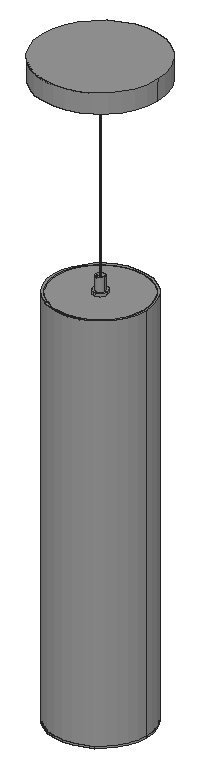
Revit family "Artemide_Tagora_Suspended_80", category Lighting Fixtures, Revit 2018
Family settings
  Round Connector Dimension = Use Diameter
  Part Type = Normal
  Work Plane-Based = Yes
  Always vertical = Yes
  Cut with Voids When Loaded = No
  Light Source = Yes
  Shared = No
  Room Calculation Point = No
Parameters (values of type "Tagora_Suspended_80_52°_4000K_Beige/White_DimmableDali_AB04652")
  Wattage = 14 W
  built-in parameter 1150110 = 1 (stored number, unit not read)
  Voltage = "-"
  built-in parameter 1114217 = 1 (stored number, unit not read)
  Tilt Angle = 90.00°
  built-in parameter 1150109 = 1 (stored number, unit not read)
  built-in parameter 1150134 = 12
  built-in parameter 1150113 = 1 (stored number, unit not read)
  Radius_InternalCylinder = Radius_ExternalCyilinder - 2 mm  # 38 mm
  Radius_ExternalCyilinder = 40 mm
  Product Range = "Tagora"
  Photometric Web File = "AB04652.IES"
  Max Height from ceiling = 2000 mm
  M_HousingCylinder = Artemide_Aluminum_Beige
  M_Housing = Artemide_Aluminum_White
  M_Fixings = Artemide_Aluminum_Anodized
  M_Diffuser = Artemide_Glass_LightBulb
  built-in parameter 1150105 = 83.311 (stored number, unit not read)
  Lumens = 1046.92 lm
  built-in parameter 1150115 = 1 (stored number, unit not read)
  built-in parameter 1150137 = (empty or 0)
  built-in parameter 1150139 = (empty or 0)
  built-in parameter 1150112 = 1 (stored number, unit not read)
  built-in parameter 1150114 = 1 (stored number, unit not read)
  built-in parameter 1150132 = (empty or 0)
  built-in parameter 1150102 = (empty or 0)
  built-in parameter 1150107 = 4000 (stored number, unit not read)
  built-in parameter 1150138 = (empty or 0)
  built-in parameter 1150106 = 0.83311 (stored number, unit not read)
  IfcExportType = "NOT DEFINED"  # constant formula
  IfcExportAs = "IfcLightFixtureType"  # constant formula
  Weekly = "-"
  Warranty ID = "https://cloud.artemide.com/5-years-warranty"
  Upward Component  = 0
  Unified Glare Rating  = "-"
  Uniclass 2015 = "Pr_70_70_48"  # constant formula
  URL to O&M Manual = "https://www.artemide.com/contents/documenti/prodotto/tagora_sospensione_80_instructions2194181.pdf"
  URL to Energy Technology List = "-"
  Trim Material = "-"
  Trim Finish = "-"
  Trim Colour  = "-"
  Total Power = 0
  Total Light Output  = 0
  Testing method = "-"
  Supply Phase = 0
  Suitable for Photocell Control = "-"
  Suitable for Motion Detector Control = "N"
  Suitable for Dimming  = "Y"
  Suitable Dimmer Type = "DALI"
  Standards = "-"
  Shipping Weight = 0
  Service life  = "-"
  Secondary Rated Lamp Life = 0
  Secondary Lamp Voltage = 0
  Secondary Lamp International Type Code = "-"
  Secondary Lamp Initial Lumens  = 0
  Secondary Lamp Included = "-"
  Secondary Lamp Efficacy = 0
  Secondary Lamp Colour Temperature = 0
  Secondary Lamp Colour Rendering Index = 0
  Secondary Lamp Cap = "-"
  Secondary Lamp = "-"
  Responsible Sourcing of Materials = "-"
  Responsible Extraction of Materials = "-"
  Reflector Material = "-"
  Reflector Finish = "-"
  Rated Lamp Life = 50000
  Quarterly = "-"
  Product Model Number = "AB04652"
  Product Literature = "https://www.artemide.com/en/subfamily/1688074/tagora-suspension-80"
  Primary Lamp Type = "LED"
  Power Supply Kit = "-"
  Power Factor = 0
  Photocell = "-"
  Overall Width = 0
  Overall Light Output Ratio = 0
  Overall Length = 80
  Overall Height = 330
  Output Lumens Indirect light = 0
  Output Lumens Direct light = 1047
  Number of Secondary Lamps = 0
  Number of Primary Lamps = 1
  Number of Poles = 0
  Motion Sensor = "-"
  Motion Detector = "-"
  Monthly = "-"
  Minimum Operating Temperature = 0
  Maximum Operating Temperature = 0
  Material Ingredient Reporting = "-"
  Manufacturer Website = "https://www.artemide.com"
  Manufacturer = "Artemide"
  Maintenance Required: 8001-12000hrs  = "-"
  Maintenance Required: 601-1000hrs = "-"
  Maintenance Required: 4001-8000hrs  = "-"
  Maintenance Required: 301-600hrs  = "-"
  Maintenance Required: 2001-4000hrs  = "-"
  Maintenance Required: 1001-2000hrs  = "-"
  Maintenance Required: 0-300hrs  = "-"
  Luminance at 65deg Angle = 0
  Luminaire Type = "Pendant"
  Luminaire Maintenance Factor = 0
  Luminaire Cleaning Interval  = "-"
  Louvre/Lens = "-"
  Location of Manufacturer = "-"
  Light Output Pattern = "-"
  Light Fixture Mounting Type = "Suspended"
  Life Cycle Analysis = "-"
  Lamp Survival Factor = "-"
  Lamp Replacement Interval = "-"
  Lamp Included = "Y"
  Lamp Holder Material = "-"
  Lamp Cap = "LED Integrated"
  LED lifetime = 60000
  LED Maintained Colour Variation         = 0
  LED Initial Colour Variation                      = 0
  International Type Code = "-"
  Intended Market = "Unset"
  Integral Fuse or Circuit Protection  = "-"
  Integral Emergency Lighting Battery Type = "-"
  Input Lumens Indirect light = 0
  Input Lumens Direct light = 1535
  Initial Lumens = 1047
  Infills = "-"
  IP Rating = "IP20"
  IK Rating = "-"
  IES Files  = "https://www.artemide.com/product/downloadFile/4126786/ieseu/4887958"
  Housing Material = "Aluminium"
  Housing Finish  = "Painted"
  Housing Colour  = "Beige/White"
  Hazardous Area Protection Type = "-"
  Hazardous Area Category = "-"
  Gross Weight = 1.51
  Green Guide for Specification = "-"
  Gasket Material = "-"
  Frequency  = 0
  Fixings = "-"
  Fixing Material = "-"
  Fire Shroud = "-"
  Fire Rating Duration = 0
  Fire Rated Temperature = 0
  Fire Rated = "-"
  Features = "Any additional components/accessories included in this file are required to complete the product/configuration and must be ordered separately.Please check the catalogue/dedicated brochure for more information"
  Face Width = 0
  Face Shape = "Cylindrical"
  Face Length = 0
  External Control Line Voltage = 0
  Expected Life = "-"
  Environmental Product Declaration = "-"
  End Caps/Transition Caps/Joints = "-"
  Emit from Circle Diameter = 38.3 mm
  Emit Shape Visible in Rendering = no
  Emergency light output percentage = 0
  Emergency Lighting Battery = "-"
  Emergency Charging Power       = 0
  Emergency = "N"
  Embodied Carbon  = 0
  Efficiency = 68
  built-in parameter 1150104 = 6.9473 (stored number, unit not read)
  Earth Point  = "-"
  ENEC Certification of European conformity = "N"
  Duration of Integral Emergency Lighting  = 0
  Drive Current                                          = 0
  Downward Component = 0
  Distance_LampFromCeilingMax [instance] = if(Distance_LampFromCeiling < Max Height from ceiling, Distance_LampFromCeiling, Max Height from ceiling)  # 182 mm
  Distance_LampFromCeiling [instance] = 182 mm
  Distance_HeightLamp = 330.018 mm
  Dimming Lamp Color Temperature Shift = <None>
  Diffusing screen = "-"
  Diffuser Material  = "-"
  Diffuser Finish = "-"
  Designed by = "S./R. Cornelissen"
  Default Elevation = 1219.2 mm
  Daylight Sensor = "-"
  Daily = "-"
  Cut Out Width = 0
  Cut Out Length = 0
  Current  = 0
  Control Gear Type = "-"
  Control Gear Standby Power  = 0
  Control Gear Required = "-"
  Control Gear Location = "-"
  Column = "-"
  Colour Temperature = 4000
  Colour Rendering Index = 90
  Color Filter = 16777215
  Cable Material = "-"
  CE Approval = "Y"
  Bespoke Timeframe = "-"
  Beam Angle Transverse Axis  = 0.00°
  Beam Angle Longditudinal Axis  = 0.00°
  Basis of lifetime luminaire failures        = 0
  Basis of lifetime lumen depreciation   = 0
  built-in parameter 1114218 = 1 (stored number, unit not read)
  built-in parameter 1150133 = 10 (stored number, unit not read)
  Application Environment = "Internal"
  Annually = "-"
  Ambient Temperature                             = 0
  Air Handling = "-"
  Access Clearance Top = 0
  Access Clearance Right = 0
  Access Clearance Rear = 0
  Access Clearance Left = 0
  Access Clearance Front = 0
  Access Clearance Bottom = 0
  6 Monthly = "-"
Types (65, lengths in mm): name | Wattage | built-in parameter 1150134 | Photometric Web File | M_HousingCylinder | M_Housing | built-in parameter 1150105 | Lumens | built-in parameter 1150132 | built-in parameter 1150107 | built-in parameter 1150106 | URL to O&M Manual | Suitable for Dimming  | Suitable Dimmer Type | Rated Lamp Life | Product Model Number | Primary Lamp Type | Output Lumens Direct light | Lamp Included | Input Lumens Direct light | Initial Lumens | IES Files  | Housing Colour  | Gross Weight | Emit from Circle Diameter | Efficiency | built-in parameter 1150104 | Colour Temperature | Colour Rendering Index
  Tagora_Suspended_80_36°_3000K_Beige/White_DimmableDali_AB04152 | 14 W | (empty or 0) | "AB04152.IES" | Artemide_Aluminum_Beige | Artemide_Aluminum_White | 81.763 (stored number, unit not read) | 1027.46 lm | (empty or 0) | 3000 (stored number, unit not read) | 0.81763 (stored number, unit not read) | "https://www.artemide.com/contents/documenti/prodotto/tagora_sospensione_80_instructions2194181.pdf" | "Y" | "DALI" | 50000 | "AB04152" | "LED" | 1027 | "Y" | 1489 | 1027 | "https://www.artemide.com/product/downloadFile/4125566/ieseu/4887668" | "Beige/White" | 1.51 | 38.3 | 69 | 6.8182 (stored number, unit not read) | 3000 | 90
  Tagora_Suspended_80_36°_3000K_Beige/White_Undimmable_AB02152 | 14 W | (empty or 0) | "AB02152.IES" | Artemide_Aluminum_Beige | Artemide_Aluminum_White | 81.763 (stored number, unit not read) | 1027.46 lm | (empty or 0) | 3000 (stored number, unit not read) | 0.81763 (stored number, unit not read) | "https://www.artemide.com/contents/documenti/prodotto/tagora_sospensione_80_instructions2194181.pdf" | "N" | "-" | 50000 | "AB02152" | "LED" | 1027 | "Y" | 1489 | 1027 | "https://www.artemide.com/product/downloadFile/1693821/ieseu/4887694" | "Beige/White" | 1.51 | 38.3 | 69 | 6.8182 (stored number, unit not read) | 3000 | 90
  Tagora_Suspended_80_36°_4000K_Beige/White_DimmableDali_AB04452 | 14 W | 12 | "AB04452.IES" | Artemide_Aluminum_Beige | Artemide_Aluminum_White | 84.292 (stored number, unit not read) | 1059.24 lm | (empty or 0) | 4000 (stored number, unit not read) | 0.84292 (stored number, unit not read) | "https://www.artemide.com/contents/documenti/prodotto/tagora_sospensione_80_instructions2194181.pdf" | "Y" | "DALI" | 50000 | "AB04452" | "LED" | 1059 | "Y" | 1535 | 1059 | "https://www.artemide.com/product/downloadFile/4126298/ieseu/4887928" | "Beige/White" | 1.51 | 38.3 | 69 | 7.029 (stored number, unit not read) | 4000 | 90
  Tagora_Suspended_80_36°_4000K_Beige/White_Undimmable_AB02452 | 14 W | 12 | "AB02452.IES" | Artemide_Aluminum_Beige | Artemide_Aluminum_White | 84.292 (stored number, unit not read) | 1059.24 lm | (empty or 0) | 4000 (stored number, unit not read) | 0.84292 (stored number, unit not read) | "https://www.artemide.com/contents/documenti/prodotto/tagora_sospensione_80_instructions2194181.pdf" | "N" | "-" | 50000 | "AB02452" | "LED" | 1059 | "Y" | 1535 | 1059 | "https://www.artemide.com/product/downloadFile/1696596/ieseu/4887962" | "Beige/White" | 1.51 | 38.3 | 69 | 7.029 (stored number, unit not read) | 4000 | 90
  Tagora_Suspended_80_44°_3000K_Beige/White_DimmableDali_AB04252 | 14 W | (empty or 0) | "AB04252.IES" | Artemide_Aluminum_Beige | Artemide_Aluminum_White | 88.391 (stored number, unit not read) | 1110.76 lm | (empty or 0) | 3000 (stored number, unit not read) | 0.88391 (stored number, unit not read) | "https://www.artemide.com/contents/documenti/prodotto/tagora_sospensione_80_instructions2194181.pdf" | "Y" | "DALI" | 50000 | "AB04252" | "LED" | 1111 | "Y" | 1489 | 1111 | "https://www.artemide.com/product/downloadFile/4125810/ieseu/4887674" | "Beige/White" | 1.51 | 38.3 | 75 | 7.3709 (stored number, unit not read) | 3000 | 90
  Tagora_Suspended_80_44°_3000K_Beige/White_Undimmable_AB02252 | 14 W | (empty or 0) | "AB02252.IES" | Artemide_Aluminum_Beige | Artemide_Aluminum_White | 88.391 (stored number, unit not read) | 1110.76 lm | (empty or 0) | 3000 (stored number, unit not read) | 0.88391 (stored number, unit not read) | "https://www.artemide.com/contents/documenti/prodotto/tagora_sospensione_80_instructions2194181.pdf" | "N" | "-" | 50000 | "AB02252" | "LED" | 1111 | "Y" | 1489 | 1111 | "https://www.artemide.com/product/downloadFile/4121322/ieseu/4887746" | "Beige/White" | 1.51 | 38.3 | 75 | 7.3709 (stored number, unit not read) | 3000 | 90
  Tagora_Suspended_80_44°_4000K_Beige/White_DimmableDali_AB04552 | 14 W | 12 | "AB04552.IES" | Artemide_Aluminum_Beige | Artemide_Aluminum_White | 91.132 (stored number, unit not read) | 1145.2 lm | (empty or 0) | 4000 (stored number, unit not read) | 0.91132 (stored number, unit not read) | "https://www.artemide.com/contents/documenti/prodotto/tagora_sospensione_80_instructions2194181.pdf" | "Y" | "DALI" | 50000 | "AB04552" | "LED" | 1145 | "Y" | 1535 | 1145 | "https://www.artemide.com/product/downloadFile/4126542/ieseu/4887787" | "Beige/White" | 1.51 | 38.3 | 75 | 7.5995 (stored number, unit not read) | 4000 | 90
  Tagora_Suspended_80_44°_4000K_Beige/White_Undimmable_AB02552 | 14 W | 12 | "AB02552.IES" | Artemide_Aluminum_Beige | Artemide_Aluminum_White | 91.132 (stored number, unit not read) | 1145.2 lm | (empty or 0) | 4000 (stored number, unit not read) | 0.91132 (stored number, unit not read) | "https://www.artemide.com/contents/documenti/prodotto/tagora_sospensione_80_instructions2194181.pdf" | "N" | "-" | 50000 | "AB02552" | "LED" | 1145 | "Y" | 1535 | 1145 | "https://www.artemide.com/product/downloadFile/4121566/ieseu/4887619" | "Beige/White" | 1.51 | 38.3 | 75 | 7.5995 (stored number, unit not read) | 4000 | 90
  Tagora_Suspended_80_52°_3000K_Beige/White_DimmableDali_AB04352 | 14 W | (empty or 0) | "AB04352.IES" | Artemide_Aluminum_Beige | Artemide_Aluminum_White | 80.816 (stored number, unit not read) | 1015.56 lm | (empty or 0) | 3000 (stored number, unit not read) | 0.80816 (stored number, unit not read) | "https://www.artemide.com/contents/documenti/prodotto/tagora_sospensione_80_instructions2194181.pdf" | "Y" | "DALI" | 50000 | "AB04352" | "LED" | 1016 | "Y" | 1489 | 1016 | "https://www.artemide.com/product/downloadFile/4126054/ieseu/4887874" | "Beige/White" | 1.51 | 38.3 | 68 | 6.7392 (stored number, unit not read) | 3000 | 90
  Tagora_Suspended_80_52°_3000K_Beige/White_Undimmable_AB02352 | 14 W | (empty or 0) | "AB02352.IES" | Artemide_Aluminum_Beige | Artemide_Aluminum_White | 80.816 (stored number, unit not read) | 1015.56 lm | (empty or 0) | 3000 (stored number, unit not read) | 0.80816 (stored number, unit not read) | "https://www.artemide.com/contents/documenti/prodotto/tagora_sospensione_80_instructions2194181.pdf" | "N" | "-" | 50000 | "AB02352" | "LED" | 1016 | "Y" | 1489 | 1016 | "https://www.artemide.com/product/downloadFile/1694355/ieseu/4887873" | "Beige/White" | 1.51 | 38.3 | 68 | 6.7392 (stored number, unit not read) | 3000 | 90
  Tagora_Suspended_80_52°_4000K_Beige/White_DimmableDali_AB04652 | 14 W | 12 | "AB04652.IES" | Artemide_Aluminum_Beige | Artemide_Aluminum_White | 83.311 (stored number, unit not read) | 1046.92 lm | (empty or 0) | 4000 (stored number, unit not read) | 0.83311 (stored number, unit not read) | "https://www.artemide.com/contents/documenti/prodotto/tagora_sospensione_80_instructions2194181.pdf" | "Y" | "DALI" | 50000 | "AB04652" | "LED" | 1047 | "Y" | 1535 | 1047 | "https://www.artemide.com/product/downloadFile/4126786/ieseu/4887958" | "Beige/White" | 1.51 | 38.3 | 68 | 6.9473 (stored number, unit not read) | 4000 | 90
  Tagora_Suspended_80_52°_4000K_Beige/White_Undimmable_AB02652 | 14 W | 12 | "AB02652.IES" | Artemide_Aluminum_Beige | Artemide_Aluminum_White | 83.311 (stored number, unit not read) | 1046.92 lm | (empty or 0) | 4000 (stored number, unit not read) | 0.83311 (stored number, unit not read) | "https://www.artemide.com/contents/documenti/prodotto/tagora_sospensione_80_instructions2194181.pdf" | "N" | "-" | 50000 | "AB02652" | "LED" | 1047 | "Y" | 1535 | 1047 | "https://www.artemide.com/product/downloadFile/1696800/ieseu/4887860" | "Beige/White" | 1.51 | 38.3 | 68 | 6.9473 (stored number, unit not read) | 4000 | 90
  Tagora_Suspended_80_GU10_Beige/White_M019120 | 0 W | 12 | 0 | Artemide_Aluminum_Beige | Artemide_Aluminum_White | (empty or 0) | 0 lm | 2 | 4000 (stored number, unit not read) | (empty or 0) | "-" | "-" | "-" | 0 | "M019120" | "LED RETROFIT" | 0 | "N" | 0 | 0 | "-" | "Beige/White" | 0 | 1 | 0 | 0.092903 (stored number, unit not read) | 0 | 0
  Tagora_Suspended_80_36°_3000K_Grey/White_DimmableDali_AB04156 | 14 W | (empty or 0) | "AB04156.IES" | Artemide_Aluminum_Grey | Artemide_Aluminum_White | 81.763 (stored number, unit not read) | 1027.46 lm | (empty or 0) | 3000 (stored number, unit not read) | 0.81763 (stored number, unit not read) | "https://www.artemide.com/contents/documenti/prodotto/tagora_sospensione_80_instructions2194181.pdf" | "Y" | "DALI" | 50000 | "AB04156" | "LED" | 1027 | "Y" | 1489 | 1027 | "https://www.artemide.com/product/downloadFile/4124102/ieseu/4887675" | "Grey/White" | 1.51 | 38.3 | 69 | 6.8182 (stored number, unit not read) | 3000 | 90
  Tagora_Suspended_80_36°_3000K_Grey/White_Undimmable_AB02156 | 14 W | (empty or 0) | "AB02156.IES" | Artemide_Aluminum_Grey | Artemide_Aluminum_White | 81.763 (stored number, unit not read) | 1027.46 lm | (empty or 0) | 3000 (stored number, unit not read) | 0.81763 (stored number, unit not read) | "https://www.artemide.com/contents/documenti/prodotto/tagora_sospensione_80_instructions2194181.pdf" | "N" | "-" | 50000 | "AB02156" | "LED" | 1027 | "Y" | 1489 | 1027 | "https://www.artemide.com/product/downloadFile/1693588/ieseu/4887616" | "Grey/White" | 1.51 | 38.3 | 69 | 6.8182 (stored number, unit not read) | 3000 | 90
  Tagora_Suspended_80_36°_4000K_Grey/White_DimmableDali_AB04456 | 14 W | 12 | "AB04456.IES" | Artemide_Aluminum_Grey | Artemide_Aluminum_White | 84.292 (stored number, unit not read) | 1059.24 lm | (empty or 0) | 4000 (stored number, unit not read) | 0.84292 (stored number, unit not read) | "https://www.artemide.com/contents/documenti/prodotto/tagora_sospensione_80_instructions2194181.pdf" | "Y" | "DALI" | 50000 | "AB04456" | "LED" | 1059 | "Y" | 1535 | 1059 | "https://www.artemide.com/product/downloadFile/4124834/ieseu/4887868" | "Grey/White" | 1.51 | 38.3 | 69 | 7.029 (stored number, unit not read) | 4000 | 90
  Tagora_Suspended_80_36°_4000K_Grey/White_Undimmable_AB02456 | 14 W | 12 | "AB02456.IES" | Artemide_Aluminum_Grey | Artemide_Aluminum_White | 84.292 (stored number, unit not read) | 1059.24 lm | (empty or 0) | 4000 (stored number, unit not read) | 0.84292 (stored number, unit not read) | "https://www.artemide.com/contents/documenti/prodotto/tagora_sospensione_80_instructions2194181.pdf" | "N" | "-" | 50000 | "AB02456" | "LED" | 1059 | "Y" | 1535 | 1059 | "https://www.artemide.com/product/downloadFile/1695348/ieseu/4887626" | "Grey/White" | 1.51 | 38.3 | 69 | 7.029 (stored number, unit not read) | 4000 | 90
  Tagora_Suspended_80_44°_3000K_Grey/White_DimmableDali_AB04256 | 14 W | (empty or 0) | "AB04256.IES" | Artemide_Aluminum_Grey | Artemide_Aluminum_White | 88.391 (stored number, unit not read) | 1110.76 lm | (empty or 0) | 3000 (stored number, unit not read) | 0.88391 (stored number, unit not read) | "https://www.artemide.com/contents/documenti/prodotto/tagora_sospensione_80_instructions2194181.pdf" | "Y" | "DALI" | 50000 | "AB04256" | "LED" | 1111 | "Y" | 1489 | 1111 | "https://www.artemide.com/product/downloadFile/4124346/ieseu/4887661" | "Grey/White" | 1.51 | 38.3 | 75 | 7.3709 (stored number, unit not read) | 3000 | 90
  Tagora_Suspended_80_44°_3000K_Grey/White_Undimmable_AB02256 | 14 W | (empty or 0) | "AB02256.IES" | Artemide_Aluminum_Grey | Artemide_Aluminum_White | 88.391 (stored number, unit not read) | 1110.76 lm | (empty or 0) | 3000 (stored number, unit not read) | 0.88391 (stored number, unit not read) | "https://www.artemide.com/contents/documenti/prodotto/tagora_sospensione_80_instructions2194181.pdf" | "N" | "-" | 50000 | "AB02256" | "LED" | 1111 | "Y" | 1489 | 1111 | "https://www.artemide.com/product/downloadFile/4120834/ieseu/4887825" | "Grey/White" | 1.51 | 38.3 | 75 | 7.3709 (stored number, unit not read) | 3000 | 90
  Tagora_Suspended_80_44°_4000K_Grey/White_DimmableDali_AB04556 | 14 W | 12 | "AB04556.IES" | Artemide_Aluminum_Grey | Artemide_Aluminum_White | 91.132 (stored number, unit not read) | 1145.2 lm | (empty or 0) | 4000 (stored number, unit not read) | 0.91132 (stored number, unit not read) | "https://www.artemide.com/contents/documenti/prodotto/tagora_sospensione_80_instructions2194181.pdf" | "Y" | "DALI" | 50000 | "AB04556" | "LED" | 1145 | "Y" | 1535 | 1145 | "https://www.artemide.com/product/downloadFile/4125078/ieseu/4887724" | "Grey/White" | 1.51 | 38.3 | 75 | 7.5995 (stored number, unit not read) | 4000 | 90
  Tagora_Suspended_80_44°_4000K_Grey/White_Undimmable_AB02556 | 14 W | 12 | "AB02556.IES" | Artemide_Aluminum_Grey | Artemide_Aluminum_White | 91.132 (stored number, unit not read) | 1145.2 lm | (empty or 0) | 4000 (stored number, unit not read) | 0.91132 (stored number, unit not read) | "https://www.artemide.com/contents/documenti/prodotto/tagora_sospensione_80_instructions2194181.pdf" | "N" | "-" | 50000 | "AB02556" | "LED" | 1145 | "Y" | 1535 | 1145 | "https://www.artemide.com/product/downloadFile/4121078/ieseu/4887870" | "Grey/White" | 1.51 | 38.3 | 75 | 7.5995 (stored number, unit not read) | 4000 | 90
  Tagora_Suspended_80_52°_3000K_Grey/White_DimmableDali_AB04356 | 14 W | (empty or 0) | "AB04356.IES" | Artemide_Aluminum_Grey | Artemide_Aluminum_White | 80.816 (stored number, unit not read) | 1015.56 lm | (empty or 0) | 3000 (stored number, unit not read) | 0.80816 (stored number, unit not read) | "https://www.artemide.com/contents/documenti/prodotto/tagora_sospensione_80_instructions2194181.pdf" | "Y" | "DALI" | 50000 | "AB04356" | "LED" | 1016 | "Y" | 1489 | 1016 | "https://www.artemide.com/product/downloadFile/4124590/ieseu/4887838" | "Grey/White" | 1.51 | 38.3 | 68 | 6.7392 (stored number, unit not read) | 3000 | 90
  Tagora_Suspended_80_52°_3000K_Grey/White_Undimmable_AB02356 | 14 W | (empty or 0) | "AB02356.IES" | Artemide_Aluminum_Grey | Artemide_Aluminum_White | 80.816 (stored number, unit not read) | 1015.56 lm | (empty or 0) | 3000 (stored number, unit not read) | 0.80816 (stored number, unit not read) | "https://www.artemide.com/contents/documenti/prodotto/tagora_sospensione_80_instructions2194181.pdf" | "N" | "-" | 50000 | "AB02356" | "LED" | 1016 | "Y" | 1489 | 1016 | "https://www.artemide.com/product/downloadFile/1694569/ieseu/4887766" | "Grey/White" | 1.51 | 38.3 | 68 | 6.7392 (stored number, unit not read) | 3000 | 90
  Tagora_Suspended_80_52°_4000K_Grey/White_DimmableDali_AB04656 | 14 W | 12 | "AB04656.IES" | Artemide_Aluminum_Grey | Artemide_Aluminum_White | 83.311 (stored number, unit not read) | 1046.92 lm | (empty or 0) | 4000 (stored number, unit not read) | 0.83311 (stored number, unit not read) | "https://www.artemide.com/contents/documenti/prodotto/tagora_sospensione_80_instructions2194181.pdf" | "Y" | "DALI" | 50000 | "AB04656" | "LED" | 1047 | "Y" | 1535 | 1047 | "https://www.artemide.com/product/downloadFile/4125322/ieseu/4887917" | "Grey/White" | 1.51 | 38.3 | 68 | 6.9473 (stored number, unit not read) | 4000 | 90
  Tagora_Suspended_80_52°_4000K_Grey/White_Undimmable_AB02656 | 14 W | 12 | "AB02656.IES" | Artemide_Aluminum_Grey | Artemide_Aluminum_White | 83.311 (stored number, unit not read) | 1046.92 lm | (empty or 0) | 4000 (stored number, unit not read) | 0.83311 (stored number, unit not read) | "https://www.artemide.com/contents/documenti/prodotto/tagora_sospensione_80_instructions2194181.pdf" | "N" | "-" | 50000 | "AB02656" | "LED" | 1047 | "Y" | 1535 | 1047 | "https://www.artemide.com/product/downloadFile/1696386/ieseu/4887887" | "Grey/White" | 1.51 | 38.3 | 68 | 6.9473 (stored number, unit not read) | 4000 | 90
  Tagora_Suspended_80_GU10_Grey/White_M019160 | 0 W | 12 | 0 | Artemide_Aluminum_Grey | Artemide_Aluminum_White | (empty or 0) | 0 lm | 2 | 4000 (stored number, unit not read) | (empty or 0) | "-" | "-" | "-" | 0 | "M019160" | "LED RETROFIT" | 0 | "N" | 0 | 0 | "-" | "Grey/White" | 0 | 1 | 0 | 0.092903 (stored number, unit not read) | 0 | 0
  Tagora_Suspended_80_36°_3000K_Black/Orange_DimmableDali_AB04157 | 14 W | (empty or 0) | "AB04157.IES" | Artemide_Aluminum_Black | Artemide_Aluminum_Orange | 81.763 (stored number, unit not read) | 1027.46 lm | (empty or 0) | 3000 (stored number, unit not read) | 0.81763 (stored number, unit not read) | "https://www.artemide.com/contents/documenti/prodotto/tagora_sospensione_80_instructions2194181.pdf" | "Y" | "DALI" | 50000 | "AB04157" | "LED" | 1027 | "Y" | 1489 | 1027 | "https://www.artemide.com/product/downloadFile/4122882/ieseu/4887690" | "Black/Orange" | 1.51 | 38.3 | 69 | 6.8182 (stored number, unit not read) | 3000 | 90
  Tagora_Suspended_80_36°_3000K_Black/Orange_Undimmable_AB02157 | 14 W | (empty or 0) | "AB02157.IES" | Artemide_Aluminum_Black | Artemide_Aluminum_Orange | 81.763 (stored number, unit not read) | 1027.46 lm | (empty or 0) | 3000 (stored number, unit not read) | 0.81763 (stored number, unit not read) | "https://www.artemide.com/contents/documenti/prodotto/tagora_sospensione_80_instructions2194181.pdf" | "N" | "-" | 50000 | "AB02157" | "LED" | 1027 | "Y" | 1489 | 1027 | "https://www.artemide.com/product/downloadFile/1692479/ieseu/4887745" | "Black/Orange" | 1.51 | 38.3 | 69 | 6.8182 (stored number, unit not read) | 3000 | 90
  Tagora_Suspended_80_36°_4000K_Black/Orange_DimmableDali_AB04457 | 14 W | 12 | "AB04457.IES" | Artemide_Aluminum_Black | Artemide_Aluminum_Orange | 84.292 (stored number, unit not read) | 1059.24 lm | (empty or 0) | 4000 (stored number, unit not read) | 0.84292 (stored number, unit not read) | "https://www.artemide.com/contents/documenti/prodotto/tagora_sospensione_80_instructions2194181.pdf" | "Y" | "DALI" | 50000 | "AB04457" | "LED" | 1059 | "Y" | 1535 | 1059 | "https://www.artemide.com/product/downloadFile/4123614/ieseu/4887685" | "Black/Orange" | 1.51 | 38.3 | 69 | 7.029 (stored number, unit not read) | 4000 | 90
  Tagora_Suspended_80_36°_4000K_Black/Orange_Undimmable_AB02457 | 14 W | 12 | "AB02457.IES" | Artemide_Aluminum_Black | Artemide_Aluminum_Orange | 84.292 (stored number, unit not read) | 1059.24 lm | (empty or 0) | 4000 (stored number, unit not read) | 0.84292 (stored number, unit not read) | "https://www.artemide.com/contents/documenti/prodotto/tagora_sospensione_80_instructions2194181.pdf" | "N" | "-" | 50000 | "AB02457" | "LED" | 1059 | "Y" | 1535 | 1059 | "https://www.artemide.com/product/downloadFile/1695074/ieseu/4887922" | "Black/Orange" | 1.51 | 38.3 | 69 | 7.029 (stored number, unit not read) | 4000 | 90
  Tagora_Suspended_80_44°_3000K_Black/Orange_DimmableDali_AB04257 | 14 W | (empty or 0) | "AB04257.IES" | Artemide_Aluminum_Black | Artemide_Aluminum_Orange | 88.391 (stored number, unit not read) | 1110.76 lm | (empty or 0) | 3000 (stored number, unit not read) | 0.88391 (stored number, unit not read) | "https://www.artemide.com/contents/documenti/prodotto/tagora_sospensione_80_instructions2194181.pdf" | "Y" | "DALI" | 50000 | "AB04257" | "LED" | 1111 | "Y" | 1489 | 1111 | "https://www.artemide.com/product/downloadFile/4123126/ieseu/4887866" | "Black/Orange" | 1.51 | 38.3 | 75 | 7.3709 (stored number, unit not read) | 3000 | 90
  Tagora_Suspended_80_44°_3000K_Black/Orange_Undimmable_AB02257 | 14 W | (empty or 0) | "AB02257.IES" | Artemide_Aluminum_Black | Artemide_Aluminum_Orange | 88.391 (stored number, unit not read) | 1110.76 lm | (empty or 0) | 3000 (stored number, unit not read) | 0.88391 (stored number, unit not read) | "https://www.artemide.com/contents/documenti/prodotto/tagora_sospensione_80_instructions2194181.pdf" | "N" | "-" | 50000 | "AB02257" | "LED" | 1111 | "Y" | 1489 | 1111 | "https://www.artemide.com/product/downloadFile/4120346/ieseu/4887855" | "Black/Orange" | 1.51 | 38.3 | 75 | 7.3709 (stored number, unit not read) | 3000 | 90
  Tagora_Suspended_80_44°_4000K_Black/Orange_DimmableDali_AB04557 | 14 W | 12 | "AB04557.IES" | Artemide_Aluminum_Black | Artemide_Aluminum_Orange | 91.132 (stored number, unit not read) | 1145.2 lm | (empty or 0) | 4000 (stored number, unit not read) | 0.91132 (stored number, unit not read) | "https://www.artemide.com/contents/documenti/prodotto/tagora_sospensione_80_instructions2194181.pdf" | "Y" | "DALI" | 50000 | "AB04557" | "LED" | 1145 | "Y" | 1535 | 1145 | "https://www.artemide.com/product/downloadFile/4120590/ieseu/4887782" | "Black/Orange" | 1.51 | 38.3 | 75 | 7.5995 (stored number, unit not read) | 4000 | 90
  Tagora_Suspended_80_44°_4000K_Black/Orange_Undimmable_AB02557 | 14 W | 12 | "AB02557.IES" | Artemide_Aluminum_Black | Artemide_Aluminum_Orange | 91.132 (stored number, unit not read) | 1145.2 lm | (empty or 0) | 4000 (stored number, unit not read) | 0.91132 (stored number, unit not read) | "https://www.artemide.com/contents/documenti/prodotto/tagora_sospensione_80_instructions2194181.pdf" | "N" | "-" | 50000 | "AB02557" | "LED" | 1145 | "Y" | 1535 | 1145 | "https://www.artemide.com/product/downloadFile/4130246/ieseu/4887890" | "Black/Orange" | 1.51 | 38.3 | 75 | 7.5995 (stored number, unit not read) | 4000 | 90
  Tagora_Suspended_80_52°_3000K_Black/Orange_DimmableDali_AB04357 | 14 W | (empty or 0) | "AB04357.IES" | Artemide_Aluminum_Black | Artemide_Aluminum_Orange | 80.816 (stored number, unit not read) | 1015.56 lm | (empty or 0) | 3000 (stored number, unit not read) | 0.80816 (stored number, unit not read) | "https://www.artemide.com/contents/documenti/prodotto/tagora_sospensione_80_instructions2194181.pdf" | "Y" | "DALI" | 50000 | "AB04357" | "LED" | 1016 | "Y" | 1489 | 1016 | "https://www.artemide.com/product/downloadFile/4123370/ieseu/4887753" | "Black/Orange" | 1.51 | 38.3 | 68 | 6.7392 (stored number, unit not read) | 3000 | 90
  Tagora_Suspended_80_52°_3000K_Black/Orange_Undimmable_AB02357 | 14 W | (empty or 0) | "AB02357.IES" | Artemide_Aluminum_Black | Artemide_Aluminum_Orange | 80.816 (stored number, unit not read) | 1015.56 lm | (empty or 0) | 3000 (stored number, unit not read) | 0.80816 (stored number, unit not read) | "https://www.artemide.com/contents/documenti/prodotto/tagora_sospensione_80_instructions2194181.pdf" | "N" | "-" | 50000 | "AB02357" | "LED" | 1016 | "Y" | 1489 | 1016 | "https://www.artemide.com/product/downloadFile/1694785/ieseu/4887795" | "Black/Orange" | 1.51 | 38.3 | 68 | 6.7392 (stored number, unit not read) | 3000 | 90
  Tagora_Suspended_80_52°_4000K_Black/Orange_DimmableDali_AB04657 | 14 W | 12 | "AB04657.IES" | Artemide_Aluminum_Black | Artemide_Aluminum_Orange | 83.311 (stored number, unit not read) | 1046.92 lm | (empty or 0) | 4000 (stored number, unit not read) | 0.83311 (stored number, unit not read) | "https://www.artemide.com/contents/documenti/prodotto/tagora_sospensione_80_instructions2194181.pdf" | "Y" | "DALI" | 50000 | "AB04657" | "LED" | 1047 | "Y" | 1535 | 1047 | "https://www.artemide.com/product/downloadFile/4123858/ieseu/4887664" | "Black/Orange" | 1.51 | 38.3 | 68 | 6.9473 (stored number, unit not read) | 4000 | 90
  Tagora_Suspended_80_52°_4000K_Black/Orange_Undimmable_AB02657 | 14 W | 12 | "AB02657.IES" | Artemide_Aluminum_Black | Artemide_Aluminum_Orange | 83.311 (stored number, unit not read) | 1046.92 lm | (empty or 0) | 4000 (stored number, unit not read) | 0.83311 (stored number, unit not read) | "https://www.artemide.com/contents/documenti/prodotto/tagora_sospensione_80_instructions2194181.pdf" | "N" | "-" | 50000 | "AB02657" | "LED" | 1047 | "Y" | 1535 | 1047 | "https://www.artemide.com/product/downloadFile/1697004/ieseu/4887807" | "Black/Orange" | 1.51 | 38.3 | 68 | 6.9473 (stored number, unit not read) | 4000 | 90
  Tagora_Suspended_80_GU10_Black/Orange_M019110 | 0 W | 12 | 0 | Artemide_Aluminum_Black | Artemide_Aluminum_Orange | (empty or 0) | 0 lm | 2 | 4000 (stored number, unit not read) | (empty or 0) | "-" | "-" | "-" | 0 | "M019110" | "LED RETROFIT" | 0 | "N" | 0 | 0 | "-" | "Black/Orange" | 0 | 1 | 0 | 0.092903 (stored number, unit not read) | 0 | 0
  Tagora_Suspended_80_36°_3000K_Black/Blue_DimmableDali_AB04158 | 14 W | (empty or 0) | "AB04158.IES" | Artemide_Aluminum_Black | Artemide_Aluminum_Blue | 81.763 (stored number, unit not read) | 1027.46 lm | (empty or 0) | 3000 (stored number, unit not read) | 0.81763 (stored number, unit not read) | "https://www.artemide.com/contents/documenti/prodotto/tagora_sospensione_80_instructions2194181.pdf" | "Y" | "DALI" | 50000 | "AB04158" | "LED" | 1027 | "Y" | 1489 | 1027 | "https://www.artemide.com/product/downloadFile/4128638/ieseu/4887992" | "Black/Blue" | 1.51 | 38.3 | 69 | 6.8182 (stored number, unit not read) | 3000 | 90
  Tagora_Suspended_80_36°_3000K_Black/Blue_Undimmable_AB02158 | 14 W | (empty or 0) | "AB02158.IES" | Artemide_Aluminum_Black | Artemide_Aluminum_Blue | 81.763 (stored number, unit not read) | 1027.46 lm | (empty or 0) | 3000 (stored number, unit not read) | 0.81763 (stored number, unit not read) | "https://www.artemide.com/contents/documenti/prodotto/tagora_sospensione_80_instructions2194181.pdf" | "N" | "-" | 50000 | "AB02158" | "LED" | 1027 | "Y" | 1489 | 1027 | "https://www.artemide.com/product/downloadFile/2502978/ieseu/4887649" | "Black/Blue" | 1.51 | 38.3 | 69 | 6.8182 (stored number, unit not read) | 3000 | 90
  Tagora_Suspended_80_36°_4000K_Black/Blue_DimmableDali_AB04458 | 14 W | 12 | "AB04458.IES" | Artemide_Aluminum_Black | Artemide_Aluminum_Blue | 84.292 (stored number, unit not read) | 1059.24 lm | (empty or 0) | 4000 (stored number, unit not read) | 0.84292 (stored number, unit not read) | "https://www.artemide.com/contents/documenti/prodotto/tagora_sospensione_80_instructions2194181.pdf" | "Y" | "DALI" | 50000 | "AB04458" | "LED" | 1059 | "Y" | 1535 | 1059 | "https://www.artemide.com/product/downloadFile/4129442/ieseu/4887969" | "Black/Blue" | 1.51 | 38.3 | 69 | 7.029 (stored number, unit not read) | 4000 | 90
  Tagora_Suspended_80_36°_4000K_Black/Blue_Undimmable_AB02458 | 14 W | 12 | "AB02458.IES" | Artemide_Aluminum_Black | Artemide_Aluminum_Blue | 84.292 (stored number, unit not read) | 1059.24 lm | (empty or 0) | 4000 (stored number, unit not read) | 0.84292 (stored number, unit not read) | "https://www.artemide.com/contents/documenti/prodotto/tagora_sospensione_80_instructions2194181.pdf" | "N" | "-" | 50000 | "AB02458" | "LED" | 1059 | "Y" | 1535 | 1059 | "https://www.artemide.com/product/downloadFile/2503490/ieseu/4887858" | "Black/Blue" | 1.51 | 38.3 | 69 | 7.029 (stored number, unit not read) | 4000 | 90
  Tagora_Suspended_80_44°_3000K_Black/Blue_DimmableDali_AB04258 | 14 W | (empty or 0) | "AB04258.IES" | Artemide_Aluminum_Black | Artemide_Aluminum_Blue | 88.391 (stored number, unit not read) | 1110.76 lm | (empty or 0) | 3000 (stored number, unit not read) | 0.88391 (stored number, unit not read) | "https://www.artemide.com/contents/documenti/prodotto/tagora_sospensione_80_instructions2194181.pdf" | "Y" | "DALI" | 50000 | "AB04258" | "LED" | 1111 | "Y" | 1489 | 1111 | "https://www.artemide.com/product/downloadFile/4128906/ieseu/4887818" | "Black/Blue" | 1.51 | 38.3 | 75 | 7.3709 (stored number, unit not read) | 3000 | 90
  Tagora_Suspended_80_44°_3000K_Black/Blue_Undimmable_AB02258 | 14 W | (empty or 0) | "AB02258.IES" | Artemide_Aluminum_Black | Artemide_Aluminum_Blue | 88.391 (stored number, unit not read) | 1110.76 lm | (empty or 0) | 3000 (stored number, unit not read) | 0.88391 (stored number, unit not read) | "https://www.artemide.com/contents/documenti/prodotto/tagora_sospensione_80_instructions2194181.pdf" | "N" | "-" | 50000 | "AB02258" | "LED" | 1111 | "Y" | 1489 | 1111 | "https://www.artemide.com/product/downloadFile/4122346/ieseu/4887897" | "Black/Blue" | 1.51 | 38.3 | 75 | 7.3709 (stored number, unit not read) | 3000 | 90
  Tagora_Suspended_80_44°_4000K_Black/Blue_DimmableDali_AB04558 | 14 W | 12 | "AB04558.IES" | Artemide_Aluminum_Black | Artemide_Aluminum_Blue | 91.132 (stored number, unit not read) | 1145.2 lm | (empty or 0) | 4000 (stored number, unit not read) | 0.91132 (stored number, unit not read) | "https://www.artemide.com/contents/documenti/prodotto/tagora_sospensione_80_instructions2194181.pdf" | "Y" | "DALI" | 50000 | "AB04558" | "LED" | 1145 | "Y" | 1535 | 1145 | "https://www.artemide.com/product/downloadFile/4129710/ieseu/4887659" | "Black/Blue" | 1.51 | 38.3 | 75 | 7.5995 (stored number, unit not read) | 4000 | 90
  Tagora_Suspended_80_44°_4000K_Black/Blue_Undimmable_AB02558 | 14 W | 12 | "AB02558.IES" | Artemide_Aluminum_Black | Artemide_Aluminum_Blue | 91.132 (stored number, unit not read) | 1145.2 lm | (empty or 0) | 4000 (stored number, unit not read) | 0.91132 (stored number, unit not read) | "https://www.artemide.com/contents/documenti/prodotto/tagora_sospensione_80_instructions2194181.pdf" | "N" | "-" | 50000 | "AB02558" | "LED" | 1145 | "Y" | 1535 | 1145 | "https://www.artemide.com/product/downloadFile/4122614/ieseu/4887632" | "Black/Blue" | 1.51 | 38.3 | 75 | 7.5995 (stored number, unit not read) | 4000 | 90
  Tagora_Suspended_80_52°_3000K_Black/Blue_DimmableDali_AB04358 | 14 W | (empty or 0) | "AB04358.IES" | Artemide_Aluminum_Black | Artemide_Aluminum_Blue | 80.816 (stored number, unit not read) | 1015.56 lm | (empty or 0) | 3000 (stored number, unit not read) | 0.80816 (stored number, unit not read) | "https://www.artemide.com/contents/documenti/prodotto/tagora_sospensione_80_instructions2194181.pdf" | "Y" | "DALI" | 50000 | "AB04358" | "LED" | 1016 | "Y" | 1489 | 1016 | "https://www.artemide.com/product/downloadFile/4129174/ieseu/4887975" | "Black/Blue" | 1.51 | 38.3 | 68 | 6.7392 (stored number, unit not read) | 3000 | 90
  Tagora_Suspended_80_52°_3000K_Black/Blue_Undimmable_AB02358 | 14 W | (empty or 0) | "AB02358.IES" | Artemide_Aluminum_Black | Artemide_Aluminum_Blue | 80.816 (stored number, unit not read) | 1015.56 lm | (empty or 0) | 3000 (stored number, unit not read) | 0.80816 (stored number, unit not read) | "https://www.artemide.com/contents/documenti/prodotto/tagora_sospensione_80_instructions2194181.pdf" | "N" | "-" | 50000 | "AB02358" | "LED" | 1016 | "Y" | 1489 | 1016 | "https://www.artemide.com/product/downloadFile/2504002/ieseu/4887921" | "Black/Blue" | 1.51 | 38.3 | 68 | 6.7392 (stored number, unit not read) | 3000 | 90
  Tagora_Suspended_80_52°_4000K_Black/Blue_DimmableDali_AB04658 | 14 W | 12 | "AB04658.IES" | Artemide_Aluminum_Black | Artemide_Aluminum_Blue | 83.311 (stored number, unit not read) | 1046.92 lm | (empty or 0) | 4000 (stored number, unit not read) | 0.83311 (stored number, unit not read) | "https://www.artemide.com/contents/documenti/prodotto/tagora_sospensione_80_instructions2194181.pdf" | "Y" | "DALI" | 50000 | "AB04658" | "LED" | 1047 | "Y" | 1535 | 1047 | "https://www.artemide.com/product/downloadFile/4129978/ieseu/4887967" | "Black/Blue" | 1.51 | 38.3 | 68 | 6.9473 (stored number, unit not read) | 4000 | 90
  Tagora_Suspended_80_52°_4000K_Black/Blue_Undimmable_AB02658 | 14 W | 12 | "AB02658.IES" | Artemide_Aluminum_Black | Artemide_Aluminum_Blue | 83.311 (stored number, unit not read) | 1046.92 lm | (empty or 0) | 4000 (stored number, unit not read) | 0.83311 (stored number, unit not read) | "https://www.artemide.com/contents/documenti/prodotto/tagora_sospensione_80_instructions2194181.pdf" | "N" | "-" | 50000 | "AB02658" | "LED" | 1047 | "Y" | 1535 | 1047 | "https://www.artemide.com/product/downloadFile/2504514/ieseu/4887950" | "Black/Blue" | 1.51 | 38.3 | 68 | 6.9473 (stored number, unit not read) | 4000 | 90
  Tagora_Suspended_80_GU10_Black/Blue_M019130 | 0 W | 12 | 0 | Artemide_Aluminum_Black | Artemide_Aluminum_Blue | (empty or 0) | 0 lm | 2 | 4000 (stored number, unit not read) | (empty or 0) | "-" | "-" | "-" | 0 | "M019130" | "LED RETROFIT" | 0 | "N" | 0 | 0 | "-" | "Black/Blue" | 0 | 1 | 0 | 0.092903 (stored number, unit not read) | 0 | 0
  Tagora_Suspended_80_36°_3000K_Black/Green_DimmableDali_AB04159 | 14 W | (empty or 0) | "AB04159.IES" | Artemide_Aluminum_Black | Artemide_Aluminum_Green | 81.763 (stored number, unit not read) | 1027.46 lm | (empty or 0) | 3000 (stored number, unit not read) | 0.81763 (stored number, unit not read) | "https://www.artemide.com/contents/documenti/prodotto/tagora_sospensione_80_instructions2194181.pdf" | "Y" | "DALI" | 50000 | "AB04159" | "LED" | 1027 | "Y" | 1489 | 1027 | "https://www.artemide.com/product/downloadFile/4127030/ieseu/4887607" | "Black/Green" | 1.51 | 38.3 | 69 | 6.8182 (stored number, unit not read) | 3000 | 90
  Tagora_Suspended_80_36°_3000K_Black/Green_Undimmable_AB02159 | 14 W | (empty or 0) | "AB02159.IES" | Artemide_Aluminum_Black | Artemide_Aluminum_Green | 81.763 (stored number, unit not read) | 1027.46 lm | (empty or 0) | 3000 (stored number, unit not read) | 0.81763 (stored number, unit not read) | "https://www.artemide.com/contents/documenti/prodotto/tagora_sospensione_80_instructions2194181.pdf" | "N" | "-" | 50000 | "AB02159" | "LED" | 1027 | "Y" | 1489 | 1027 | "https://www.artemide.com/product/downloadFile/2503222/ieseu/4887767" | "Black/Green" | 1.51 | 38.3 | 69 | 6.8182 (stored number, unit not read) | 3000 | 90
  Tagora_Suspended_80_36°_4000K_Black/Green_DimmableDali_AB04459 | 14 W | 12 | "AB04459.IES" | Artemide_Aluminum_Black | Artemide_Aluminum_Green | 84.292 (stored number, unit not read) | 1059.24 lm | (empty or 0) | 4000 (stored number, unit not read) | 0.84292 (stored number, unit not read) | "https://www.artemide.com/contents/documenti/prodotto/tagora_sospensione_80_instructions2194181.pdf" | "Y" | "DALI" | 50000 | "AB04459" | "LED" | 1059 | "Y" | 1535 | 1059 | "https://www.artemide.com/product/downloadFile/4127834/ieseu/4887987" | "Black/Green" | 1.51 | 38.3 | 69 | 7.029 (stored number, unit not read) | 4000 | 90
  Tagora_Suspended_80_36°_4000K_Black/Green_Undimmable_AB02459 | 14 W | 12 | "AB02459.IES" | Artemide_Aluminum_Black | Artemide_Aluminum_Green | 84.292 (stored number, unit not read) | 1059.24 lm | (empty or 0) | 4000 (stored number, unit not read) | 0.84292 (stored number, unit not read) | "https://www.artemide.com/contents/documenti/prodotto/tagora_sospensione_80_instructions2194181.pdf" | "N" | "-" | 50000 | "AB02459" | "LED" | 1059 | "Y" | 1535 | 1059 | "https://www.artemide.com/product/downloadFile/2503734/ieseu/4887605" | "Black/Green" | 1.51 | 38.3 | 69 | 7.029 (stored number, unit not read) | 4000 | 90
  Tagora_Suspended_80_44°_3000K_Black/Green_DimmableDali_AB04259 | 14 W | (empty or 0) | "AB04259.IES" | Artemide_Aluminum_Black | Artemide_Aluminum_Green | 88.391 (stored number, unit not read) | 1110.76 lm | (empty or 0) | 3000 (stored number, unit not read) | 0.88391 (stored number, unit not read) | "https://www.artemide.com/contents/documenti/prodotto/tagora_sospensione_80_instructions2194181.pdf" | "Y" | "DALI" | 50000 | "AB04259" | "LED" | 1111 | "Y" | 1489 | 1111 | "https://www.artemide.com/product/downloadFile/4127298/ieseu/4887646" | "Black/Green" | 1.51 | 38.3 | 75 | 7.3709 (stored number, unit not read) | 3000 | 90
  Tagora_Suspended_80_44°_3000K_Black/Green_Undimmable_AB02259 | 14 W | (empty or 0) | "AB02259.IES" | Artemide_Aluminum_Black | Artemide_Aluminum_Green | 88.391 (stored number, unit not read) | 1110.76 lm | (empty or 0) | 3000 (stored number, unit not read) | 0.88391 (stored number, unit not read) | "https://www.artemide.com/contents/documenti/prodotto/tagora_sospensione_80_instructions2194181.pdf" | "N" | "-" | 50000 | "AB02259" | "LED" | 1111 | "Y" | 1489 | 1111 | "https://www.artemide.com/product/downloadFile/4121810/ieseu/4887683" | "Black/Green" | 1.51 | 38.3 | 75 | 7.3709 (stored number, unit not read) | 3000 | 90
  Tagora_Suspended_80_44°_4000K_Black/Green_DimmableDali_AB04559 | 14 W | 12 | "AB04559.IES" | Artemide_Aluminum_Black | Artemide_Aluminum_Green | 91.132 (stored number, unit not read) | 1145.2 lm | (empty or 0) | 4000 (stored number, unit not read) | 0.91132 (stored number, unit not read) | "https://www.artemide.com/contents/documenti/prodotto/tagora_sospensione_80_instructions2194181.pdf" | "Y" | "DALI" | 50000 | "AB04559" | "LED" | 1145 | "Y" | 1535 | 1145 | "https://www.artemide.com/product/downloadFile/4128102/ieseu/4887926" | "Black/Green" | 1.51 | 38.3 | 75 | 7.5995 (stored number, unit not read) | 4000 | 90
  Tagora_Suspended_80_44°_4000K_Black/Green_Undimmable_AB02559 | 14 W | 12 | "AB02559.IES" | Artemide_Aluminum_Black | Artemide_Aluminum_Green | 91.132 (stored number, unit not read) | 1145.2 lm | (empty or 0) | 4000 (stored number, unit not read) | 0.91132 (stored number, unit not read) | "https://www.artemide.com/contents/documenti/prodotto/tagora_sospensione_80_instructions2194181.pdf" | "N" | "-" | 50000 | "AB02559" | "LED" | 1145 | "Y" | 1535 | 1145 | "https://www.artemide.com/product/downloadFile/4122078/ieseu/4887637" | "Black/Green" | 1.51 | 38.3 | 75 | 7.5995 (stored number, unit not read) | 4000 | 90
  Tagora_Suspended_80_52°_3000K_Black/Green_DimmableDali_AB04359 | 14 W | (empty or 0) | "AB04359.IES" | Artemide_Aluminum_Black | Artemide_Aluminum_Green | 80.816 (stored number, unit not read) | 1015.56 lm | (empty or 0) | 3000 (stored number, unit not read) | 0.80816 (stored number, unit not read) | "https://www.artemide.com/contents/documenti/prodotto/tagora_sospensione_80_instructions2194181.pdf" | "Y" | "DALI" | 50000 | "AB04359" | "LED" | 1016 | "Y" | 1489 | 1016 | "https://www.artemide.com/product/downloadFile/4127566/ieseu/4887982" | "Black/Green" | 1.51 | 38.3 | 68 | 6.7392 (stored number, unit not read) | 3000 | 90
  Tagora_Suspended_80_52°_3000K_Black/Green_Undimmable_AB02359 | 14 W | (empty or 0) | "AB02359.IES" | Artemide_Aluminum_Black | Artemide_Aluminum_Green | 80.816 (stored number, unit not read) | 1015.56 lm | (empty or 0) | 3000 (stored number, unit not read) | 0.80816 (stored number, unit not read) | "https://www.artemide.com/contents/documenti/prodotto/tagora_sospensione_80_instructions2194181.pdf" | "N" | "-" | 50000 | "AB02359" | "LED" | 1016 | "Y" | 1489 | 1016 | "https://www.artemide.com/product/downloadFile/2504246/ieseu/4887977" | "Black/Green" | 1.51 | 38.3 | 68 | 6.7392 (stored number, unit not read) | 3000 | 90
  Tagora_Suspended_80_52°_4000K_Black/Green_DimmableDali_AB04659 | 14 W | 12 | "AB04659.IES" | Artemide_Aluminum_Black | Artemide_Aluminum_Green | 83.311 (stored number, unit not read) | 1046.92 lm | (empty or 0) | 4000 (stored number, unit not read) | 0.83311 (stored number, unit not read) | "https://www.artemide.com/contents/documenti/prodotto/tagora_sospensione_80_instructions2194181.pdf" | "Y" | "DALI" | 50000 | "AB04659" | "LED" | 1047 | "Y" | 1535 | 1047 | "https://www.artemide.com/product/downloadFile/4128370/ieseu/4887697" | "Black/Green" | 1.51 | 38.3 | 68 | 6.9473 (stored number, unit not read) | 4000 | 90
  Tagora_Suspended_80_52°_4000K_Black/Green_Undimmable_AB02659 | 14 W | 12 | "AB02659.IES" | Artemide_Aluminum_Black | Artemide_Aluminum_Green | 83.311 (stored number, unit not read) | 1046.92 lm | (empty or 0) | 4000 (stored number, unit not read) | 0.83311 (stored number, unit not read) | "https://www.artemide.com/contents/documenti/prodotto/tagora_sospensione_80_instructions2194181.pdf" | "N" | "-" | 50000 | "AB02659" | "LED" | 1047 | "Y" | 1535 | 1047 | "https://www.artemide.com/product/downloadFile/2504758/ieseu/4887964" | "Black/Green" | 1.51 | 38.3 | 68 | 6.9473 (stored number, unit not read) | 4000 | 90
  Tagora_Suspended_80_GU10_Black/Green_M019140 | 0 W | 12 | 0 | Artemide_Aluminum_Black | Artemide_Aluminum_Green | (empty or 0) | 0 lm | 2 | 4000 (stored number, unit not read) | (empty or 0) | "-" | "-" | "-" | 0 | "M019140" | "LED RETROFIT" | 0 | "N" | 0 | 0 | "-" | "Black/Green" | 0 | 1 | 0 | 0.092903 (stored number, unit not read) | 0 | 0
Reference planes
  plane 1 "Center (Front/Back)": y = 0
  plane 2 "Top Fixings": z = 0
  plane 3 "Center (Left/Right)": x = 0
  plane 4 "Bottom Internal Cone": z = -510.496
  plane 5 "Middle Internal Cone": z = -479.3
  plane 6: z = -475.37
  plane 7 "Top Internal Cone": z = -454.646
  plane 8 "Top External Disc": z = -509.683
  plane 9 "Center L/T": z = -456.646
  plane 10 "Bottom Lamp": z = -512.018
  plane 11 "Light": z = -465.37
  plane 12 "Bottom Fixings": z = -16.384
  plane 13 "Top Lamp": z = -182
  plane 14: z = -184
  plane 15: z = -169.05
Forms (mm)
  Revolve 1, solid, material "Artemide_Aluminum_White" <- "M_Housing"
    sketch origin (0, 0, -512.044) x (1, 0, 0) y (0, 0, 1)
      loop
        spline (-8.216, 57.398) -> (-11.129, 53.124) -> (-12.869, 50.512) -> (-13.833, 48.981) -> (-14.417, 47.954) -> (-14.975, 46.909) -> (-15.59, 45.742) -> (-16.222, 44.522) -> (-16.834, 43.31) -> (-17.398, 42.136) -> (-17.89, 41.013) -> (-18.442, 39.52) -> (-19.389, 36.674)
        line (-19.389, 36.674) -> (-24.9, 36.674) -> (-24.555, 32.744) -> (-19.145, 32.744)
        spline (-19.145, 32.744) -> (-18.152, 35.988) -> (-17.593, 37.621) -> (-17.092, 38.842) -> (-16.499, 40.155) -> (-15.841, 41.542) -> (-15.162, 42.931) -> (-14.502, 44.261) -> (-13.895, 45.464) -> (-13.283, 46.604) -> (-12.267, 48.305) -> (-10.37, 51.304) -> (-7.166, 56.255)
        line (-7.166, 56.255) -> (0, 56.255) -> (0, 57.398) -> (-8.216, 57.398)
      axis (0, 57.398) -> (0, 32.744)
    angle from 0 to 360
  Revolve 2, solid, material "Artemide_Glass_LightBulb" <- "M_Diffuser"
    sketch origin (0, 0, -512.044) x (1, 0, 0) y (0, 0, 1)
      loop
        line (-19.145, 32.744) -> (0, 32.744) -> (0, 36.674) -> (-17.902, 36.674) -> (-19.145, 32.744)
      axis (0, 36.674) -> (0, 32.744)
    angle from 0 to 360
  Revolve 3, solid, material "Artemide_Aluminum_White" <- "M_Housing"
    sketch origin (0, 0, -512.044) x (1, 0, 0) y (0, 0, 1)
      loop
        line (-19.145, 32.744) -> (-27.795, 32.744)
        arc (-27.795, 32.744) -> (-29.382, 31.828) -> (-29.382, 29.996) r 1.832
        line (-29.382, 29.996) -> (-25.273, 27.623)
        arc (-25.273, 27.623) -> (-24.82, 27.063) -> (-24.862, 26.344) r 1
        line (-24.862, 26.344) -> (-36.133, 1.547) -> (-40, 1.547) -> (-40, 0.026) -> (-35.105, 0.026) -> (-20.726, 31.659) -> (-19.145, 31.659) -> (-19.145, 32.744)
      axis (0, 32.744) -> (0, 0.026)
    angle from 0 to 360
  Extrusion 4, solid, material "Artemide_Aluminum_Beige" <- "M_HousingCylinder"
    sketch origin (0, 0, 0) x (1, 0, 0) y (0, 1, 0)
      loop
        circle (0, 0) r 40
      loop
        circle (0, 0) r 38
    from -510.496 to -182
  Extrusion 5, solid, material "Artemide_Aluminum_Beige" <- "M_HousingCylinder"
    sketch origin (0, 0, 0) x (1, 0, 0) y (0, 1, 0)
      loop
        circle (0, 0) r 38
    from -184 to -182
  Extrusion 6, solid, material "Artemide_Aluminum_Anodized" <- "M_Fixings"
    sketch origin (0, 0, 0) x (1, 0, 0) y (0, 1, 0)
      loop
        circle (0, 0) r 50
    from -16.384 to 0
  Extrusion 7, solid, material "Artemide_Aluminum_Anodized" <- "M_Fixings"
    sketch origin (0, 0, 0) x (1, 0, 0) y (0, 1, 0)
      loop
        circle (0, 0) r 0.4
    from -182 to -16.384
  Revolve 8, solid, material "Artemide_Aluminum_Anodized" <- "M_Fixings"
    sketch origin (0, 0, 0) x (1, 0, 0) y (0, 0, 1)
      loop
        line (-3.45, -169.05) -> (-3.45, -180.05) -> (-5.95, -180.05) -> (-5.95, -182) -> (0, -182) -> (0, -169.05) -> (-3.45, -169.05)
      axis (0, -169.05) -> (0, -182)
    angle from 0 to 360
Dimensions and locks
  locked: plane 5 "Middle Internal Cone" to plane 4 "Bottom Internal Cone" at 31.197
  locked: plane 6 to plane 5 "Middle Internal Cone" at 3.93
  locked: plane 7 "Top Internal Cone" to plane 6 at 20.724
  locked: plane 8 "Top External Disc" to plane 4 "Bottom Internal Cone" at 0.814
  locked: plane 7 "Top Internal Cone" to plane 9 "Center L/T" at 2
  locked: plane 11 "Light" to plane 6 at 10
  locked: plane 4 "Bottom Internal Cone" to plane 10 "Bottom Lamp" at 1.522
  locked: plane 2 "Top Fixings" to plane 12 "Bottom Fixings" at 16.384
  "Distance_LampFromCeilingMax": plane 2 "Top Fixings" to plane 13 "Top Lamp"
  locked: plane 13 "Top Lamp" to plane 14 at 2
  "Distance_HeightLamp": plane 13 "Top Lamp" to plane 10 "Bottom Lamp"
  locked: plane 15 to plane 13 "Top Lamp" at 12.95
  "Radius_ExternalCyilinder": radius of Extrusion 4 sketch curve
  "Radius_InternalCylinder": radius of Extrusion 4 sketch curve
  "Radius_InternalCylinder": radius of Extrusion 5 sketch curve
  aligned and locked: level to plane 2 "Top Fixings"
  aligned and locked: Revolve 1 sketch curve to plane 7 "Top Internal Cone"
  aligned and locked: plane 6 to Revolve 1 sketch curve  (x2)
  aligned and locked: Revolve 1 sketch curve to plane 3 "Center (Left/Right)"
  aligned and locked: Revolve 1 sketch curve to plane 5 "Middle Internal Cone"
  aligned and locked: plane 5 "Middle Internal Cone" to Revolve 1 sketch curve
  aligned and locked: Revolve 2 sketch curve to plane 5 "Middle Internal Cone"
  aligned and locked: Revolve 2 sketch curve to plane 6
  aligned and locked: Revolve 2 sketch curve to plane 3 "Center (Left/Right)"
  aligned and locked: plane 5 "Middle Internal Cone" to Revolve 3 sketch curve  (x2)
  aligned and locked: plane 4 "Bottom Internal Cone" to Revolve 3 sketch curve
  aligned and locked: Revolve 3 sketch curve to plane 4 "Bottom Internal Cone"
  aligned and locked: Revolve 3 sketch curve to plane 3 "Center (Left/Right)"
  aligned and locked: plane 11 "Light" to imposter light
  aligned and locked: plane 3 "Center (Left/Right)" to imposter light
  aligned and locked: imposter light to plane 1 "Center (Front/Back)"
  aligned and locked: plane 10 "Bottom Lamp" to Revolve 3 sketch curve
  aligned and locked: plane 3 "Center (Left/Right)" to Extrusion 4 sketch curve  (x2)
  aligned and locked: plane 1 "Center (Front/Back)" to Extrusion 4 sketch curve  (x2)
  aligned and locked: Extrusion 4 to plane 4 "Bottom Internal Cone"
  aligned and locked: plane 3 "Center (Left/Right)" to Extrusion 5 sketch curve
  aligned and locked: plane 1 "Center (Front/Back)" to Extrusion 5 sketch curve
  aligned and locked: plane 13 "Top Lamp" to Extrusion 4
  aligned and locked: plane 13 "Top Lamp" to Extrusion 5
  aligned and locked: Extrusion 5 to plane 14
  aligned and locked: plane 3 "Center (Left/Right)" to Extrusion 6 sketch curve
  aligned and locked: plane 1 "Center (Front/Back)" to Extrusion 6 sketch curve
  aligned and locked: Extrusion 6 to plane 12 "Bottom Fixings"
  aligned and locked: plane 2 "Top Fixings" to Extrusion 6
  aligned and locked: Extrusion 7 to plane 13 "Top Lamp"
  aligned and locked: plane 12 "Bottom Fixings" to Extrusion 7
  aligned and locked: Revolve 8 sketch curve to plane 3 "Center (Left/Right)"
  aligned and locked: Revolve 8 sketch curve to plane 15
  aligned and locked: Revolve 8 sketch curve to plane 13 "Top Lamp"
Automatic sketch dimensions
  Revolve 1 sketch curve to plane 3 "Center (Left/Right)" = 0 mm
  plane 9 "Center L/T" to Revolve 1 sketch curve = 0.857 mm
  Revolve 1 sketch curve to Revolve 1 sketch curve = 7.166 mm
  Revolve 1 sketch curve to Revolve 1 sketch curve = 1.05 mm
  Revolve 1 sketch curve to plane 3 "Center (Left/Right)" = 19.145 mm
  Revolve 1 sketch curve to Revolve 1 sketch curve = 0.243 mm
  Revolve 1 sketch curve to Revolve 1 sketch curve = 5.41 mm
  Revolve 1 sketch curve to Revolve 1 sketch curve = 0.345 mm
  Revolve 1 sketch curve to plane 10 "Bottom Lamp" = 366.045 mm
  level to Revolve 1 sketch curve = 1702.271 mm
  Revolve 2 sketch curve to plane 3 "Center (Left/Right)" = 0 mm
  Revolve 2 sketch curve to Revolve 2 sketch curve = 17.902 mm
  Revolve 2 sketch curve to Revolve 2 sketch curve = 1.243 mm
  Revolve 2 sketch curve to plane 10 "Bottom Lamp" = 366.045 mm
  level to Revolve 2 sketch curve = 1702.271 mm
  Revolve 3 sketch curve to plane 5 "Middle Internal Cone" = 1.085 mm
  Revolve 3 sketch curve to plane 3 "Center (Left/Right)" = 19.145 mm
  Revolve 3 sketch curve to Revolve 3 sketch curve = 1.581 mm
  Revolve 3 sketch curve to plane 5 "Middle Internal Cone" = 6.401 mm
  Revolve 3 sketch curve to Revolve 3 sketch curve = 4.136 mm
  Revolve 3 sketch curve to plane 5 "Middle Internal Cone" = 5.121 mm
  Revolve 3 sketch curve to Revolve 3 sketch curve = 0.41 mm
  Revolve 3 sketch curve to Revolve 3 sketch curve = 0.5 mm
  Revolve 3 sketch curve to plane 5 "Middle Internal Cone" = 1.832 mm
  Revolve 3 sketch curve to Revolve 3 sketch curve = 2.523 mm
  Revolve 3 sketch curve to plane 5 "Middle Internal Cone" = 2.748 mm
  Revolve 3 sketch curve to Revolve 3 sketch curve = 10.243 mm
  Revolve 3 sketch curve to Revolve 3 sketch curve = 1.028 mm
  Revolve 3 sketch curve to Revolve 3 sketch curve = 3.867 mm
  Revolve 3 sketch curve to plane 10 "Bottom Lamp" = 366.045 mm
  level to Revolve 3 sketch curve = 1702.271 mm
  plane 1 "Center (Front/Back)" to Extrusion 7 sketch curve = 0 mm
  Extrusion 7 sketch curve to plane 3 "Center (Left/Right)" = 0 mm
  Revolve 8 sketch curve to plane 3 "Center (Left/Right)" = 0 mm
  Revolve 8 sketch curve to plane 3 "Center (Left/Right)" = 5.95 mm
  plane 13 "Top Lamp" to Revolve 8 sketch curve = 1.95 mm
  Revolve 8 sketch curve to plane 3 "Center (Left/Right)" = 3.45 mm
  Revolve 8 sketch curve to plane 10 "Bottom Lamp" = 1028.387 mm
  level to Revolve 8 sketch curve = 2214.315 mm
  radius of Extrusion 6 sketch curve = 50 mm
  radius of Extrusion 7 sketch curve = 0.4 mm
